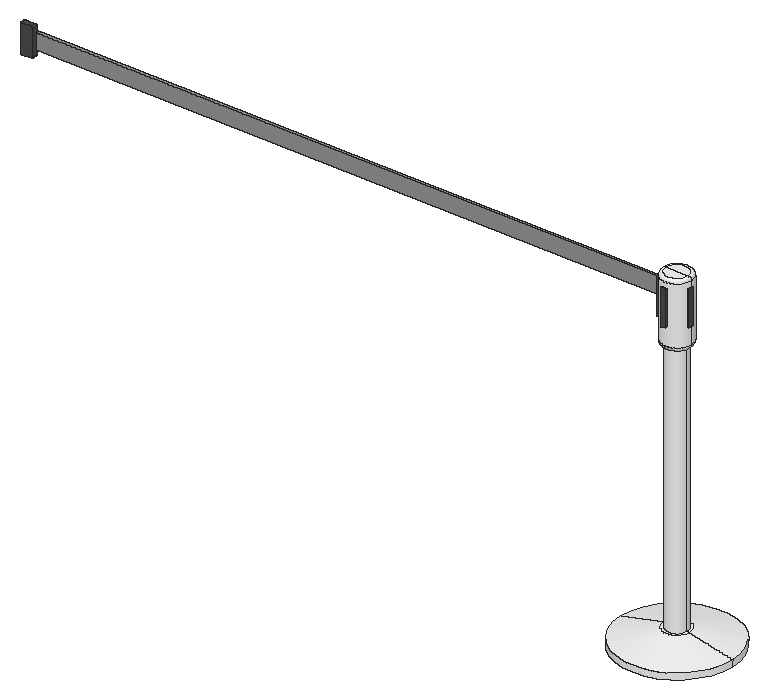
Revit family "DQMG0001", category Generic Models, Revit 2017
Family settings
  Can host rebar = No
  Round Connector Dimension = Use Diameter
  Part Type = Normal
  Work Plane-Based = No
  Always vertical = Yes
  Cut with Voids When Loaded = Yes
  Shared = No
  Room Calculation Point = No
Parameters
  Website = "https://dolphy.in/"  # constant formula
  Contact number = "+91 9520202035"  # constant formula
  Contact email = "info@dolphy.in"  # constant formula
  Company name = "Dolphy India"  # constant formula
Reference planes
  plane 1 "Center (Front/Back)": y = 0
  plane 2: z = 0
  plane 3 "Center (Left/Right)": x = 0
Forms (mm)
  Revolve 1, solid, material "PS sILVER"
    sketch origin (0, 0, 0) x (1, 0, 0) y (0, 0, 1)
      loop
        line (0, 0) -> (0, 1050) -> (-35, 1050)
        spline (-35, 1050) -> (-36.597, 1049.931) -> (-38.056, 1049.722) -> (-39.375, 1049.375) -> (-40.556, 1048.889) -> (-41.597, 1048.264) -> (-42.5, 1047.5) -> (-43.264, 1046.597) -> (-43.889, 1045.556) -> (-44.375, 1044.375) -> (-44.722, 1043.056) -> (-44.931, 1041.597) -> (-45, 1040)
        line (-45, 1040) -> (-45, 860)
        spline (-45, 860) -> (-44.931, 858.403) -> (-44.722, 856.944) -> (-44.375, 855.625) -> (-43.889, 854.444) -> (-43.264, 853.403) -> (-42.5, 852.5) -> (-41.597, 851.736) -> (-40.556, 851.111) -> (-39.375, 850.625) -> (-38.056, 850.278) -> (-36.597, 850.069) -> (-35, 850)
        line (-35, 850) -> (-31.5, 850) -> (-31.5, 50) -> (-41.5, 50) -> (-175, 20) -> (-175, 0) -> (0, 0)
      axis (0, 1050) -> (0, 0)
    angle from 0 to 360
  Extrusion 2, solid, material "Black"
    sketch origin (-0.03, 0, 0.32) x (1, 0, 0) y (0, 0, 1)
      loop
        line (-38.544, 1025.1) -> (-49.97, 1025.1) -> (-49.97, 915.1) -> (-38.544, 915.1) -> (-38.544, 1025.1)
      loop
        line (38.932, 1025.1) -> (38.932, 915.1) -> (50.03, 915.1) -> (50.03, 1025.1) -> (38.932, 1025.1)
    from 0 to 15
  Extrusion 3, solid, material "Black"
    sketch origin (0, 0, 0) x (0, 1, 0) y (0, 0, 1)
      loop
        line (35, 1024.691) -> (35, 914.691) -> (49.985, 914.691) -> (49.985, 1024.691) -> (35, 1024.691)
      loop
        line (-39.396, 1024.691) -> (-50.015, 1024.691) -> (-50.015, 914.691) -> (-39.396, 914.691) -> (-39.396, 1024.691)
    from -10 to 5
  Extrusion 4, void
    sketch origin (0, -8.75, 0) x (1, 0, 0) y (0, 0, 1)
      loop
        line (-91.515, 1019.691) -> (-91.515, 919.691) -> (-17.458, 919.691) -> (-17.458, 1019.691) -> (-91.515, 1019.691)
    from -3 to 1
  Extrusion 5, solid, material "Band"
    sketch origin (0, 0, 0) x (1, 0, 0) y (0, 0, 1)
      loop
        line (-50, 1019.691) -> (-2000, 1019.691) -> (-2010, 1019.691) -> (-2010, 969.691) -> (-2000, 969.691) -> (-50, 969.691) -> (-50, 1019.691)
    from -3 to 5
  Extrusion 6, solid, material "Black"
    sketch origin (0, 0, 0) x (1, 0, 0) y (0, 0, 1)
      loop
        line (-2015, 1039.691) -> (-2045, 1039.691)
        spline (-2045, 1039.691) -> (-2045.799, 1039.657) -> (-2046.528, 1039.553) -> (-2047.187, 1039.379) -> (-2047.778, 1039.136) -> (-2048.299, 1038.823) -> (-2048.75, 1038.441) -> (-2049.132, 1037.99) -> (-2049.444, 1037.469) -> (-2049.688, 1036.879) -> (-2049.861, 1036.219) -> (-2049.965, 1035.49) -> (-2050, 1034.691)
        line (-2050, 1034.691) -> (-2050, 954.691)
        spline (-2050, 954.691) -> (-2049.965, 953.893) -> (-2049.861, 953.164) -> (-2049.688, 952.504) -> (-2049.444, 951.914) -> (-2049.132, 951.393) -> (-2048.75, 950.941) -> (-2048.299, 950.56) -> (-2047.778, 950.247) -> (-2047.187, 950.004) -> (-2046.528, 949.83) -> (-2045.799, 949.726) -> (-2045, 949.691)
        line (-2045, 949.691) -> (-2015, 949.691)
        spline (-2015, 949.691) -> (-2014.201, 949.726) -> (-2013.472, 949.83) -> (-2012.812, 950.004) -> (-2012.222, 950.247) -> (-2011.701, 950.56) -> (-2011.25, 950.941) -> (-2010.868, 951.393) -> (-2010.556, 951.914) -> (-2010.312, 952.504) -> (-2010.139, 953.164) -> (-2010.035, 953.893) -> (-2010, 954.691)
        line (-2010, 954.691) -> (-2010, 1034.691)
        spline (-2010, 1034.691) -> (-2010.035, 1035.49) -> (-2010.139, 1036.219) -> (-2010.312, 1036.879) -> (-2010.556, 1037.469) -> (-2010.868, 1037.99) -> (-2011.25, 1038.441) -> (-2011.701, 1038.823) -> (-2012.222, 1039.136) -> (-2012.812, 1039.379) -> (-2013.472, 1039.553) -> (-2014.201, 1039.657) -> (-2015, 1039.691)
    from 0 to 15
Cuts and joins
  Extrusion 4 cuts Extrusion 2
Dimensions and locks
  Revolve 1 sketch curve to level = 1050 mm
  Revolve 1 sketch curve to Revolve 1 sketch curve = 175 mm
  aligned and locked: level to plane 2
